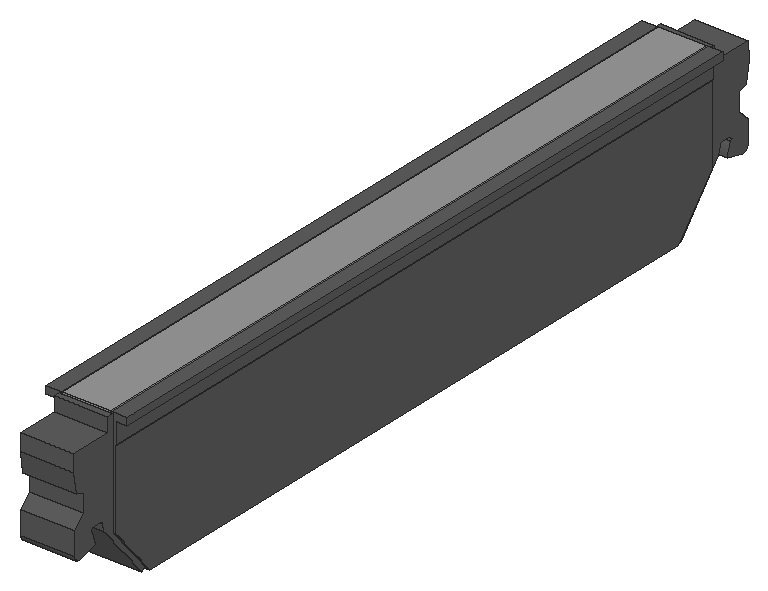
Revit family "CC4_TRANSVERSAL CC TR 27 0,75_1870750", category Generic Models, Revit 2018
Family settings
  Can host rebar = No
  Round Connector Dimension = Use Diameter
  Part Type = Normal
  OmniClass Number = 35.51.14.00
  OmniClass Title = FORMWORK
  Work Plane-Based = Yes
  Always vertical = No
  Cut with Voids When Loaded = No
  Shared = Yes
  Room Calculation Point = No
Parameters
  VERSION = "20190101"  # constant formula
  URL = "www.ulmaconstruction.com/en"
  UNICLASS = ""
  ITEM_CODE = "1870750"
  Manufacturer = "ULMA CONSTRUCTION"  # constant formula
  FILTER [instance] = ""
  Default Elevation = 0.000 mm
  CLASSIFICATION_TITLE = ""
  CLASSIFICATION_NUMBER = ""
Reference planes
  plane 1 "Centro (Frontal/Posterior)": y = 0
  plane 2: z = 0
  plane 3 "Centro (Izquierda/Derecha)": x = 0
  plane 4 "ITEM_LENGTH": y = 750
Forms (mm)
  Extrusion 1, solid, material "ULMA POLYPROPYLENE BLACK"
    sketch origin (0, 0, -6) x (1, 0, 0) y (0, 0, 1)
      loop
        line (-20.25, -71) -> (20.25, -71) -> (20.25, -21) -> (-20.25, -21) -> (-20.25, -71)
    from -680 to -70
  Extrusion 2, solid, material "ULMA BLACK", detail levels fine
    sketch origin (0, 0, -6) x (1, 0, 0) y (0, 0, 1)
      loop
        line (-20.25, -21) -> (-33, -21) -> (-33, -27) -> (-24.75, -27) -> (-24.75, -44.293) -> (-24.25, -45.207) -> (-24.25, -151) -> (24.25, -151) -> (24.25, -45.207) -> (24.75, -44.293) -> (24.75, -27) -> (33, -27) -> (33, -21) -> (20.25, -21) -> (20.25, -71) -> (-20.25, -71) -> (-20.25, -21)
    from -680 to -70
  Extrusion 3, void
    sketch origin (0, 0, -11) x (0, 1, 0) y (0, 0, 1)
      loop
        line (104.823, -146) -> (70, -104.5) -> (68, -104.5) -> (68, -148) -> (104.823, -148) -> (104.823, -146)
    from -35 to 35
  Extrusion 4, void
    sketch origin (0, 0, -11) x (0, 1, 0) y (0, 0, 1)
      loop
        line (680, -104.5) -> (645.177, -146) -> (645.177, -148) -> (682, -148) -> (682, -104.5) -> (680, -104.5)
    from -35 to 35
  Extrusion 5, solid, material "ULMA BLACK", detail levels fine
    sketch origin (0, 0, -11) x (0, 1, 0) y (0, 0, 1)
      loop
        line (70, -17) -> (65, -17) -> (65, -29) -> (30.211, -29) -> (29.97, -42.8) -> (33, -59.8) -> (39.97, -62.337) -> (39.97, -77.03) -> (30.805, -86.195) -> (30.805, -105.19)
        arc (30.805, -105.19) -> (32.37, -108.364) -> (35.841, -109.054) r 4
        line (35.841, -109.054) -> (50.97, -105)
        arc (50.97, -105) -> (50.117, -99.722) -> (47.752, -94.927) r 18.004
        arc (47.752, -94.927) -> (47.59, -92.342) -> (49.806, -91) r 2.5
        line (49.806, -91) -> (57.072, -91)
        arc (57.072, -91) -> (58.684, -91.589) -> (59.536, -93.079) r 2.5
        line (59.536, -93.079) -> (60.708, -99.945) -> (99.353, -146) -> (102.563, -143.307) -> (70, -104.5) -> (70, -17)
    from -22 to 22
  Extrusion 6, solid, material "ULMA BLACK", detail levels fine
    sketch origin (0, 0, -11) x (0, 1, 0) y (0, 0, 1)
      loop
        line (680, -17) -> (680, -104.5) -> (647.437, -143.307) -> (650.647, -146) -> (689.292, -99.945) -> (690.464, -93.079)
        arc (690.464, -93.079) -> (691.316, -91.589) -> (692.928, -91) r 2.5
        line (692.928, -91) -> (700.194, -91)
        arc (700.194, -91) -> (702.41, -92.342) -> (702.248, -94.927) r 2.5
        arc (702.248, -94.927) -> (699.761, -100.104) -> (699.03, -105.802) r 18.012
        line (699.03, -105.802) -> (714.159, -109.069)
        arc (714.159, -109.069) -> (717.63, -108.378) -> (719.195, -105.205) r 4
        line (719.195, -105.205) -> (719.195, -86.195) -> (710.03, -77.03) -> (710.03, -62.337) -> (717, -59.8) -> (720.03, -42.8) -> (719.789, -29) -> (685, -29) -> (685, -17) -> (680, -17)
    from -22 to 22
  Extrusion 7, solid, material "ULMA BLACK", detail levels coarse+medium
    sketch origin (0, 0, -6) x (1, 0, 0) y (0, 0, 1)
      loop
        line (-33, -21) -> (-33, -151) -> (33, -151) -> (33, -21) -> (20.25, -21) -> (20.25, -71) -> (-20.25, -71) -> (-20.25, -21) -> (-33, -21)
    from -680 to -70
  Extrusion 8, solid, material "ULMA BLACK", detail levels coarse+medium
    sketch origin (0, 0, -12) x (0, 1, 0) y (0, 0, 1)
      loop
        line (70, -28) -> (35, -28) -> (35, -90) -> (70, -90) -> (70, -28)
    from -22 to 22
  Extrusion 9, solid, material "ULMA BLACK", detail levels coarse+medium
    sketch origin (0, 0, -6) x (0, 1, 0) y (0, 0, 1)
      loop
        line (680, -34) -> (680, -96) -> (715, -96) -> (715, -34) -> (680, -34)
    from -22 to 22
Cuts and joins
  Extrusion 3, Extrusion 4 cuts Extrusion 2
  Extrusion 3, Extrusion 4 cuts Extrusion 7
Dimensions and locks
  plane 1 "Centro (Frontal/Posterior)" to plane 4 "ITEM_LENGTH" = 750.000 mm
  locked: plane 4 "ITEM_LENGTH" to plane 1 "Centro (Frontal/Posterior)" at 750
  aligned and locked: level to plane 2
